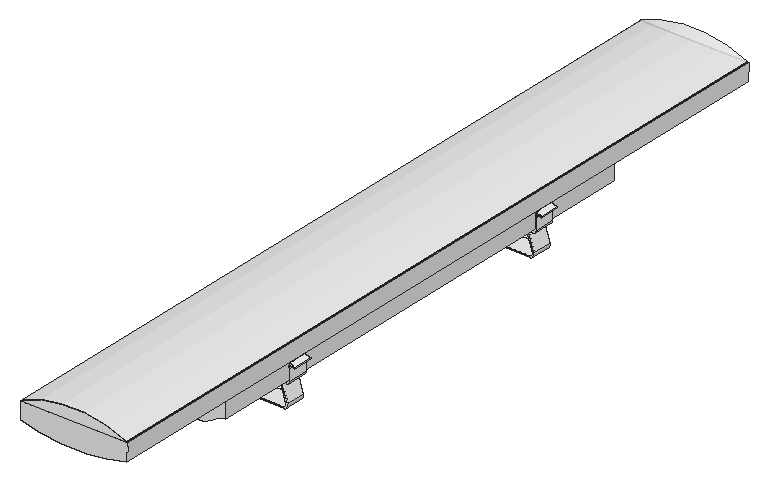
Revit family "Lighting-Industriale-GEWISS-SMART[3]e-PLAFONIERA-LED_TRASPARENTE_800mm", category Apparecchi per illuminazione, host Superficie, Revit 2019
Family settings
  Host = Superficie
  Quota connettore circolare = Usa diametro
  Tipo di parte = Normale
  Taglio con vuoti quando caricato = No
  Sorgente d'illuminazione = No
  Condiviso = No
  Punto di calcolo locali = Sì
Parameters (values of type "GWS3120ET840 - SMART3e 800 ON/OFF TRASP CRI80 4000K")
  Viti esterne = "-"
  Visibilita_etichetta [instance] = yes
  Versione file RFA = "21.4"
  Vano di alimentazione = "Integrato"
  URL = "https://www.gewiss.com/it/it"
  Tolleranza cromatica = "SDCM = 3"
  Tipologia sorgente luminosa = "LED - Non sostituibile"
  Tipo di installazione e montaggio = "Plafone - Parete - Sospensione"
  Tipo di apparecchio = "Apparecchio a LED per illuminazione generale"
  Tensione di alimentazione = "220 - 240 V"
  Temperatura di stoccaggio = "-25 +80 °C"
  Temperatura di esercizio = "-25 +40 °C"
  Superficie massima esposta al vento : = "-"
  Struttura = GEWISS - SMART 3 - GRIGIO
  Stampa 1_200 = no
  Stampa 1_100 = not(Stampa 1_200)  # yes
  Spostamento_Y_etichetta [instance] = 0 mm
  Spostamento_Y_effettivo_etichetta [instance] = 1500 mm - Spostamento_Y_etichetta  # 1500 mm
  Spostamento_X_etichetta [instance] = 0 mm
  Spostamento_X_effettivo_etichetta [instance] = 1500 mm - Spostamento_X_etichetta  # 1500 mm
  SostituibilitÃ  piastra di cablaggio = "Non disponibile"
  SostituibilitÃ  gruppo ottico = "Non disponibile"
  Sistema di controllo : = "ON / OFF"
  Sistema di controllo = "Stand Alone - On / Off"
  Schermo- = Gewiss - Led Acceso
  Schermo = "Policarbonato stabilizzato agli UV"
  Scheda Tecnica = "https://www.gewiss.com/it/it/search?q=GWS3120ET840"
  Resistenza al filo incandescente = "850 °C"
  Resistenza agli urti = "IK08"
  Default Elevation = 1219.2 mm
  Produttore = "GEWISS S.p.A."
  Ottica = "Trasparente microprismato"
  Norma di riferimento = "EN60598-1; IEC 62778; IEC62471"
  Modello = "GWS3120ET840"
  Materiali = "-"
  Lunghezza Lampada = 800 mm  # constant formula
  Lampada = "LED"
  Installazione e manutenzione = "-"
  Informazioni generali = "-"
  Indice di resa cromatica = "CRI>80"
  Inclinazione = "Con staffa di fissaggio"
  Immagine tipo = GWS3118T.jpg
  IPEA = "-"
  IFC.TypeObject = ""
  IFC.ExportType = ""
  IFC.ExportAs = ""
  IDT = "c3293776-8468-4c10-80f9-a1d96cfe439a"
  IDF = "2cac3220-0cdb-4083-86a4-9babe9ae8fbe"
  Guarnizioni = "Sigillante depositato a CNC"
  Gruppo ottico = "Integrato nello schermo"
  Grado di protezione = "IP66/IP69"
  Garanzia = "5 anni"
  Gancio di chiusura = "-"
  Ganci = GEWISS  - ALLUMINIO
  Frequenza nominale (Hz) = "50/60 Hz"
  Fissaggio = "Supporto in acciaio INOX"
  Finitura colore = "PC colorato in pasta RAL7035"
  Failure rate alimentatore = "F10 = 90.000 h a Tq 25°C/F10= 50.000 h a Tq 40°C"
  Durata di vita = "L80B20(Tq25°C)=90.000h - L80B20(Tq40°C)=50.000h"
  Dispositivo di protezione = "DM 1KV / CM 2KV"
  Descrizione = "SMART3e 800 ON/OFF TRASP CRI80 4000K"
  Creato da GEWISS S.p.A. = ""
  Corpo = "Policarbonato"
  Controllo abbagliamento e luminanza = "-"
  Contesto = "Illuminazione di magazzini, parcheggi coperti e locali produttivi industriali"
  Colore = "Grigio RAL 7035"
  Codice digitale univoco (Datamatrix) = "Datamatrix"
  Codice EAN = ""
  Classificazione: = "-"
  Classe isolamento = "II"
  Classe fotobiologica = "-"
  Certificazioni e classificazioni = "-"
  Certificazione DIN 18032-3 = "Non disponibile"
  Catalogo = "LIGHTING"
  Caratteristiche ottiche e illuminotecniche = "-"
  Caratteristiche elettriche e gestione della luce = "-"
  Cablaggio : = "Stand alone"
  Cablaggio = "Con connettore stagno Gw connect"
  COBie.Tagnumber = ""
  COBie.CreatedOn = ""
  COBie.CreatebBy = ""
  COBie.ComponentRegisterItemID = ""
  COBie.Component.TagNumber = ""
  COBie.Component.Space = ""
  COBie.Component.SerialNumber = ""
  COBie.Component.InstallationDate = ""
  COBie.Component.Description = ""
  COBie.Component.BarCode = ""
  Applicazione = "Interno"
  Apparecchio a ridotta temperatura superficiale = "Si"
  Alimentatore = "Incluso"
Types (3, lengths in mm): name | Scheda Tecnica | Modello | IDT | Descrizione
  (no name) | "https://www.gewiss.com/it/it/search?q=GWS3120ET840" | "GWS3120ET840" | "c3293776-8468-4c10-80f9-a1d96cfe439a" | "SMART3e 800 ON/OFF TRASP CRI80 4000K"
  GWS3120ET840 - SMART3e 800 ON/OFF TRASP CRI80 4000K | "https://www.gewiss.com/it/it/search?q=GWS3120ET840" | "GWS3120ET840" | "c3293776-8468-4c10-80f9-a1d96cfe439a" | "SMART3e 800 ON/OFF TRASP CRI80 4000K"
  GWS3120ET857 - SMART3e 800 ON/OFF TRASP CRI80 5700K | "https://www.gewiss.com/it/it/search?q=GWS3120ET857" | "GWS3120ET857" | "9f002806-1f96-4eb4-b752-d88a4865da9e" | "SMART3e 800 ON/OFF TRASP CRI80 5700K"
Reference planes
  plane 1 "Centro (Fronte/Retro)": y = 0
  plane 2: z = 0
  plane 3 "Centro (Sinistra/Destra)": x = 0
  plane 4: x = -1500
  plane 5: y = -1500
  plane 6: x = 0
  plane 7: y = 0
Forms (mm)
  Extrusion 1, solid, material "GEWISS  - ALLUMINIO" <- "Ganci", detail levels medium+fine
    sketch origin (0, 0, 0) x (1, 0, 0) y (0, 0, 1)
      loop
        arc (31.431, -0.002) -> (34.576, 1.589) -> (35.156, 5.066) r 3.903
        line (35.156, 5.066) -> (29.612, 23.211)
        arc (29.612, 23.211) -> (29.883, 24.381) -> (31.032, 24.73) r 1.2
        line (31.032, 24.73) -> (34.307, 23.974)
        arc (34.307, 23.974) -> (36.765, 24.53) -> (37.859, 26.8) r 2.9
        line (37.859, 26.8) -> (37.859, 38.8)
        arc (37.859, 38.8) -> (37.648, 39.694) -> (37.059, 40.4) r 2
        line (37.059, 40.4) -> (37.059, 42.71) -> (42.861, 40.598) -> (43.203, 41.538) -> (37.53, 43.603)
        arc (37.53, 43.603) -> (37.019, 43.613) -> (36.605, 43.311) r 0.8
        line (36.605, 43.311) -> (36.306, 26.139)
        arc (36.306, 26.139) -> (35.6, 25.444) -> (34.616, 25.34) r 1.5
        line (34.616, 25.34) -> (31.344, 26.095)
        arc (31.344, 26.095) -> (28.858, 25.335) -> (28.273, 22.802) r 2.6
        line (28.273, 22.802) -> (33.827, 4.636)
        arc (33.827, 4.636) -> (33.449, 2.415) -> (31.438, 1.4) r 2.5
        line (31.438, 1.4) -> (-31.437, 1.4)
        arc (-31.437, 1.4) -> (-33.449, 2.415) -> (-33.827, 4.636) r 2.5
        line (-33.827, 4.636) -> (-28.273, 22.802)
        arc (-28.273, 22.802) -> (-28.858, 25.335) -> (-31.344, 26.095) r 2.6
        line (-31.344, 26.095) -> (-34.616, 25.34)
        arc (-34.616, 25.34) -> (-35.6, 25.444) -> (-36.306, 26.139) r 1.5
        line (-36.306, 26.139) -> (-36.605, 43.311)
        arc (-36.605, 43.311) -> (-37.019, 43.613) -> (-37.53, 43.603) r 0.8
        line (-37.53, 43.603) -> (-43.203, 41.538) -> (-42.861, 40.598) -> (-37.059, 42.71) -> (-37.059, 40.4)
        arc (-37.059, 40.4) -> (-37.648, 39.694) -> (-37.859, 38.8) r 2
        line (-37.859, 38.8) -> (-37.859, 26.8)
        arc (-37.859, 26.8) -> (-36.765, 24.53) -> (-34.307, 23.974) r 2.9
        line (-34.307, 23.974) -> (-31.032, 24.73)
        arc (-31.032, 24.73) -> (-29.883, 24.381) -> (-29.612, 23.211) r 1.2
        line (-29.612, 23.211) -> (-35.156, 5.066)
        arc (-35.156, 5.066) -> (-34.576, 1.589) -> (-31.431, -0.002) r 3.903
        line (-31.431, -0.002) -> (31.431, -0.002)
    from 148.766 to 168.766
  Extrusion 2, solid, material "GEWISS  - ALLUMINIO" <- "Ganci", detail levels medium+fine
    sketch origin (0, 0, 0) x (1, 0, 0) y (0, 0, -1)
      loop
        line (31.431, 0.002) -> (-31.431, 0.002)
        arc (-31.431, 0.002) -> (-34.576, -1.589) -> (-35.156, -5.066) r 3.903
        line (-35.156, -5.066) -> (-29.612, -23.211)
        arc (-29.612, -23.211) -> (-29.883, -24.381) -> (-31.032, -24.73) r 1.2
        line (-31.032, -24.73) -> (-34.307, -23.974)
        arc (-34.307, -23.974) -> (-36.765, -24.53) -> (-37.859, -26.8) r 2.9
        line (-37.859, -26.8) -> (-37.859, -38.8)
        arc (-37.859, -38.8) -> (-37.648, -39.694) -> (-37.059, -40.4) r 2
        line (-37.059, -40.4) -> (-37.059, -42.71) -> (-42.861, -40.598) -> (-43.203, -41.538) -> (-37.53, -43.603)
        arc (-37.53, -43.603) -> (-37.019, -43.613) -> (-36.605, -43.311) r 0.8
        line (-36.605, -43.311) -> (-36.306, -26.139)
        arc (-36.306, -26.139) -> (-35.6, -25.444) -> (-34.616, -25.34) r 1.5
        line (-34.616, -25.34) -> (-31.344, -26.095)
        arc (-31.344, -26.095) -> (-28.858, -25.335) -> (-28.273, -22.802) r 2.6
        line (-28.273, -22.802) -> (-33.827, -4.636)
        arc (-33.827, -4.636) -> (-33.449, -2.415) -> (-31.437, -1.4) r 2.5
        line (-31.437, -1.4) -> (31.438, -1.4)
        arc (31.438, -1.4) -> (33.449, -2.415) -> (33.827, -4.636) r 2.5
        line (33.827, -4.636) -> (28.273, -22.802)
        arc (28.273, -22.802) -> (28.858, -25.335) -> (31.344, -26.095) r 2.6
        line (31.344, -26.095) -> (34.616, -25.34)
        arc (34.616, -25.34) -> (35.6, -25.444) -> (36.306, -26.139) r 1.5
        line (36.306, -26.139) -> (36.605, -43.311)
        arc (36.605, -43.311) -> (37.019, -43.613) -> (37.53, -43.603) r 0.8
        line (37.53, -43.603) -> (43.203, -41.538) -> (42.861, -40.598) -> (37.059, -42.71) -> (37.059, -40.4)
        arc (37.059, -40.4) -> (37.648, -39.694) -> (37.859, -38.8) r 2
        line (37.859, -38.8) -> (37.859, -26.8)
        arc (37.859, -26.8) -> (36.765, -24.53) -> (34.307, -23.974) r 2.9
        line (34.307, -23.974) -> (31.032, -24.73)
        arc (31.032, -24.73) -> (29.883, -24.381) -> (29.612, -23.211) r 1.2
        line (29.612, -23.211) -> (35.156, -5.066)
        arc (35.156, -5.066) -> (34.576, -1.589) -> (31.431, 0.002) r 3.903
    from 148.766 to 168.766
  Extrusion 3, solid, material "GEWISS - SMART 3 - GRIGIO" <- "Struttura", detail levels medium+fine
    sketch origin (0, 0, 0) x (1, 0, 0) y (0, 0, 1)
      loop
        line (-36.331, 55.757) -> (-35.847, 28.018)
        arc (-35.847, 28.018) -> (-33.139, 27.27) -> (-30.416, 26.58) r 129.5
        arc (-30.416, 26.58) -> (-28.066, 25.76) -> (-25.915, 24.506) r 13
        arc (-25.915, 24.506) -> (-24.23, 23.324) -> (-22.521, 22.178) r 99.5
        arc (-22.521, 22.178) -> (-16.401, 19.063) -> (-9.748, 17.365) r 31.146
        line (-9.748, 17.365) -> (12.491, 17.365)
        arc (12.491, 17.365) -> (17.822, 19.098) -> (22.764, 21.745) r 31.646
        arc (22.764, 21.745) -> (24.509, 22.915) -> (26.228, 24.122) r 100
        arc (26.228, 24.122) -> (28.283, 25.313) -> (30.525, 26.095) r 12.5
        arc (30.525, 26.095) -> (33.437, 26.834) -> (36.332, 27.64) r 130
        line (36.332, 27.64) -> (36.824, 55.851)
        arc (36.824, 55.851) -> (24.914, 53.937) -> (12.909, 52.764) r 195.047
        line (12.909, 52.764) -> (-12.909, 52.764)
        arc (-12.909, 52.764) -> (-24.665, 53.905) -> (-36.331, 55.757) r 195.047
    from -250 to 250
  Extrusion 4, solid, material "GEWISS - SMART 3 - GRIGIO" <- "Struttura", detail levels medium+fine
    sketch origin (0, 0, 0) x (1, 0, 0) y (0, 0, 1)
      loop
        line (54.725, 60.184) -> (55.177, 77.445) -> (-55.177, 77.445) -> (-54.725, 60.184)
        arc (-54.725, 60.184) -> (-34.019, 55.332) -> (-12.909, 52.764) r 195.047
        line (-12.909, 52.764) -> (12.909, 52.764)
        arc (12.909, 52.764) -> (34.019, 55.332) -> (54.725, 60.184) r 195.047
    from -400 to 400
  Extrusion 5, solid, material "Gewiss - Led Acceso" <- "Schermo-", detail levels medium+fine
    sketch origin (0, 0, 0) x (1, 0, 0) y (0, 0, 1)
      loop
        arc (54.697, 78.441) -> (-0.014, 90.457) -> (-54.723, 78.429) r 130.5
        arc (-54.723, 78.429) -> (-54.988, 77.838) -> (-54.5, 77.445) r 0.5
        line (-54.5, 77.445) -> (54.479, 77.445)
        arc (54.479, 77.445) -> (54.988, 77.855) -> (54.697, 78.441) r 0.522
    from -400 to 400
  Extrusion 6, solid, material "GEWISS - SMART 3 - GRIGIO" <- "Struttura", detail levels coarse
    sketch origin (0, 0, 0) x (1, 0, 0) y (0, 0, 1)
      loop
        line (-54.5, 90.439) -> (-54.5, 0) -> (54.5, 0) -> (54.5, 90.439) -> (-54.5, 90.439)
    from -400 to 400
Lines and regions (mm)
  Masking region 1
    outline origin (0, 0, 0) x (1, 0, 0) y (0, 1, 0)
      loop
        line (-55.177, 400) -> (-55.177, -400) -> (55.177, -400) -> (55.177, 400) -> (-55.177, 400)
  model lines, style "GEWISS - LIGHT 2D", not visible
    curve 1: arc (658.224, 441.447, 0) -> (657.902, 441.529, 0) -> (657.571, 441.558, 0) r 1.999
    curve 2: arc (659.744, 439.503, 0) -> (659.172, 440.906, 0) -> (657.781, 441.505, 0) r 1.998
    curve 3: arc (549.391, -356.494, 0) -> (549.963, -357.897, 0) -> (551.356, -358.495, 0) r 1.998
    curve 4: arc (657.744, -358.495, 0) -> (659.181, -357.627, 0) -> (659.745, -356.046, 0) r 2.5
    curve 5: arc (551.891, 441.558, 0) -> (550.123, 440.825, 0) -> (549.391, 439.058, 0) r 2.5
    curve 6: line (657.571, 441.558, 0) -> (604.567, 441.558, 0)
    curve 7: line (604.567, 441.558, 0) -> (551.891, 441.558, 0)
    curve 8: line (551.356, -358.495, 0) -> (604.568, -358.495, 0)
    curve 9: line (604.568, -358.495, 0) -> (657.744, -358.495, 0)
    curve 10: line (659.745, -356.046, 0) -> (659.745, 439.503, 0)
    curve 11: line (657.781, 441.505, 0) -> (604.567, 441.505, 0)
    curve 12: line (549.391, -356.494, 0) -> (549.391, 439.058, 0)
    curve 13: line (604.569, 276.529, 0) -> (604.569, -193.52, 0)
  symbolic lines, style "GEWISS - LIGHT 2D"
    curve 14: line (0, 328.766, 0) -> (0, -304.8, 0)
Dimensions and locks
  plane 4 to plane 3 "Centro (Sinistra/Destra)" = 1500 mm
  "Spostamento_X_effettivo_etichetta": plane 4 to plane 6
  "Spostamento_Y_effettivo_etichetta": plane 7 to plane 5
  plane 1 "Centro (Fronte/Retro)" to plane 5 = 1500 mm
  aligned and locked: plane 2 to host face
  aligned and locked: level to host face
  aligned and locked: plane 6 to nested 1
  aligned and locked: nested 1 to plane 7
  aligned and locked: Masking region 1 sketch curve to Extrusion 4  (x4)
  aligned and locked: curve 14 to plane 6
Automatic sketch dimensions
  host sketch curve to host sketch curve = 2438.4 mm  (x2)
  Extrusion 1 sketch curve to Extrusion 1 sketch curve = 0 mm  (x28)
  Extrusion 1 sketch curve to plane 3 "Centro (Sinistra/Destra)" = 43.203 mm
  level to Extrusion 1 sketch curve = 40.598 mm
  Extrusion 1 sketch curve to Extrusion 1 sketch curve = 0.342 mm  (x2)
  Extrusion 1 sketch curve to Extrusion 1 sketch curve = 5.002 mm  (x2)
  Extrusion 1 sketch curve to Extrusion 1 sketch curve = 0.329 mm
  Extrusion 1 sketch curve to Extrusion 1 sketch curve = 0.271 mm  (x2)
  Extrusion 1 sketch curve to Extrusion 1 sketch curve = 0.8 mm  (x2)
  Extrusion 1 sketch curve to Extrusion 1 sketch curve = 0.454 mm  (x2)
  Extrusion 1 sketch curve to Extrusion 1 sketch curve = 1.554 mm
  Extrusion 1 sketch curve to Extrusion 1 sketch curve = 2 mm
  level to Extrusion 1 sketch curve = 5.066 mm  (x2)
  Extrusion 1 sketch curve to Extrusion 1 sketch curve = 1.15 mm
  Extrusion 1 sketch curve to Extrusion 1 sketch curve = 1.346 mm  (x2)
  Extrusion 1 sketch curve to Extrusion 1 sketch curve = 0.343 mm  (x2)
  level to Extrusion 1 sketch curve = 4.636 mm  (x2)
  Extrusion 1 sketch curve to Extrusion 1 sketch curve = 1.329 mm  (x2)
  level to Extrusion 1 sketch curve = 1.4 mm
  Extrusion 1 sketch curve to Extrusion 1 sketch curve = 2.389 mm  (x2)
  Extrusion 1 sketch curve to Extrusion 1 sketch curve = 0.007 mm  (x2)
  Extrusion 1 sketch curve to Extrusion 1 sketch curve = 3.584 mm  (x2)
  Extrusion 1 sketch curve to Extrusion 1 sketch curve = 0.273 mm  (x2)
  plane 3 "Centro (Sinistra/Destra)" to Extrusion 1 sketch curve = 30.759 mm
  Extrusion 1 sketch curve to level = 0.002 mm
  Extrusion 1 sketch curve to Extrusion 1 sketch curve = 0.672 mm
  Extrusion 1 sketch curve to Extrusion 1 sketch curve = 0.9 mm
  level to Extrusion 1 sketch curve = 26.139 mm
  Extrusion 1 sketch curve to Extrusion 1 sketch curve = 0.746 mm
  Extrusion 1 sketch curve to Extrusion 1 sketch curve = 0.2 mm
  Extrusion 1 sketch curve to Extrusion 1 sketch curve = 2.577 mm
  Extrusion 1 sketch curve to Extrusion 1 sketch curve = 18.496 mm
  Extrusion 1 sketch curve to Extrusion 1 sketch curve = 1.169 mm  (x2)
  Extrusion 1 sketch curve to Extrusion 1 sketch curve = 0.799 mm  (x2)
  Extrusion 1 sketch curve to Extrusion 1 sketch curve = 0.609 mm
  Extrusion 1 sketch curve to Extrusion 1 sketch curve = 1.798 mm  (x2)
  Extrusion 1 sketch curve to Extrusion 1 sketch curve = 12 mm
  Extrusion 1 sketch curve to Extrusion 1 sketch curve = 0.94 mm  (x2)
  Extrusion 1 sketch curve to Extrusion 1 sketch curve = 0.14 mm  (x2)
  Extrusion 1 sketch curve to Extrusion 1 sketch curve = 0.309 mm  (x2)
  Extrusion 1 sketch curve to Extrusion 1 sketch curve = 0.312 mm  (x2)
  Extrusion 1 sketch curve to Extrusion 1 sketch curve = 1.148 mm  (x2)
  Extrusion 1 sketch curve to Extrusion 1 sketch curve = 1.339 mm
  Extrusion 1 sketch curve to Extrusion 1 sketch curve = 2.486 mm
  Extrusion 1 sketch curve to Extrusion 1 sketch curve = 0.409 mm  (x2)
  Extrusion 2 sketch curve to Extrusion 2 sketch curve = 0 mm  (x28)
  Extrusion 2 sketch curve to plane 3 "Centro (Sinistra/Destra)" = 43.203 mm
  level to Extrusion 2 sketch curve = 40.598 mm
  Extrusion 2 sketch curve to Extrusion 2 sketch curve = 0.342 mm  (x2)
  Extrusion 2 sketch curve to Extrusion 2 sketch curve = 5.002 mm  (x2)
  Extrusion 2 sketch curve to Extrusion 2 sketch curve = 0.329 mm
  Extrusion 2 sketch curve to Extrusion 2 sketch curve = 0.271 mm  (x2)
  Extrusion 2 sketch curve to Extrusion 2 sketch curve = 0.8 mm  (x2)
  Extrusion 2 sketch curve to Extrusion 2 sketch curve = 0.454 mm  (x2)
  Extrusion 2 sketch curve to Extrusion 2 sketch curve = 1.554 mm
  Extrusion 2 sketch curve to Extrusion 2 sketch curve = 2 mm
  level to Extrusion 2 sketch curve = 5.066 mm  (x2)
  Extrusion 2 sketch curve to Extrusion 2 sketch curve = 1.15 mm
  Extrusion 2 sketch curve to Extrusion 2 sketch curve = 1.346 mm  (x2)
  Extrusion 2 sketch curve to Extrusion 2 sketch curve = 0.343 mm  (x2)
  level to Extrusion 2 sketch curve = 4.636 mm  (x2)
  Extrusion 2 sketch curve to Extrusion 2 sketch curve = 1.329 mm  (x2)
  level to Extrusion 2 sketch curve = 1.4 mm
  Extrusion 2 sketch curve to Extrusion 2 sketch curve = 2.389 mm  (x2)
  Extrusion 2 sketch curve to Extrusion 2 sketch curve = 0.007 mm  (x2)
  Extrusion 2 sketch curve to Extrusion 2 sketch curve = 3.584 mm  (x2)
  Extrusion 2 sketch curve to Extrusion 2 sketch curve = 0.273 mm  (x2)
  plane 3 "Centro (Sinistra/Destra)" to Extrusion 2 sketch curve = 30.759 mm
  Extrusion 2 sketch curve to level = 0.002 mm
  Extrusion 2 sketch curve to Extrusion 2 sketch curve = 0.672 mm
  Extrusion 2 sketch curve to Extrusion 2 sketch curve = 0.9 mm
  level to Extrusion 2 sketch curve = 26.139 mm
  Extrusion 2 sketch curve to Extrusion 2 sketch curve = 0.746 mm
  Extrusion 2 sketch curve to Extrusion 2 sketch curve = 0.2 mm
  Extrusion 2 sketch curve to Extrusion 2 sketch curve = 14.46 mm
  Extrusion 2 sketch curve to Extrusion 2 sketch curve = 0.94 mm  (x2)
  Extrusion 2 sketch curve to Extrusion 2 sketch curve = 0.14 mm  (x2)
  Extrusion 2 sketch curve to Extrusion 2 sketch curve = 2.31 mm  (x2)
  Extrusion 2 sketch curve to Extrusion 2 sketch curve = 12 mm
  Extrusion 2 sketch curve to Extrusion 2 sketch curve = 0.661 mm  (x2)
  Extrusion 2 sketch curve to Extrusion 2 sketch curve = 0.609 mm  (x2)
  Extrusion 2 sketch curve to Extrusion 2 sketch curve = 1.169 mm  (x2)
  Extrusion 2 sketch curve to Extrusion 2 sketch curve = 0.309 mm  (x2)
  Extrusion 2 sketch curve to Extrusion 2 sketch curve = 0.312 mm  (x2)
  Extrusion 2 sketch curve to Extrusion 2 sketch curve = 1.148 mm  (x2)
  Extrusion 2 sketch curve to Extrusion 2 sketch curve = 1.339 mm
  Extrusion 2 sketch curve to Extrusion 2 sketch curve = 2.486 mm
  Extrusion 2 sketch curve to Extrusion 2 sketch curve = 1.365 mm  (x2)
  Extrusion 3 sketch curve to plane 3 "Centro (Sinistra/Destra)" = 36.331 mm
  Extrusion 3 sketch curve to Extrusion 3 sketch curve = 0.484 mm
  Extrusion 3 sketch curve to Extrusion 3 sketch curve = 2.34 mm
  Extrusion 3 sketch curve to plane 3 "Centro (Sinistra/Destra)" = 32.068 mm
  Extrusion 3 sketch curve to plane 3 "Centro (Sinistra/Destra)" = 12.909 mm
  Extrusion 3 sketch curve to plane 3 "Centro (Sinistra/Destra)" = 9.748 mm
  Extrusion 3 sketch curve to plane 3 "Centro (Sinistra/Destra)" = 5.421 mm
  Extrusion 3 sketch curve to plane 3 "Centro (Sinistra/Destra)" = 0.057 mm
  Extrusion 3 sketch curve to plane 3 "Centro (Sinistra/Destra)" = 0.007 mm
  Extrusion 3 sketch curve to plane 3 "Centro (Sinistra/Destra)" = 0.001 mm
  plane 3 "Centro (Sinistra/Destra)" to Extrusion 3 sketch curve = 0.057 mm
  plane 3 "Centro (Sinistra/Destra)" to Extrusion 3 sketch curve = 5.412 mm
  plane 3 "Centro (Sinistra/Destra)" to Extrusion 3 sketch curve = 12.491 mm
  Extrusion 3 sketch curve to Extrusion 3 sketch curve = 7.496 mm
  plane 3 "Centro (Sinistra/Destra)" to Extrusion 3 sketch curve = 32.059 mm
  Extrusion 3 sketch curve to Extrusion 3 sketch curve = 21.008 mm
  Extrusion 3 sketch curve to Extrusion 3 sketch curve = 2.833 mm
  Extrusion 3 sketch curve to Extrusion 3 sketch curve = 23.916 mm
  level to Extrusion 3 sketch curve = 13.953 mm  (x2)
  level to Extrusion 3 sketch curve = 17.365 mm  (x2)
  Extrusion 3 sketch curve to Extrusion 3 sketch curve = 13.687 mm
  Extrusion 3 sketch curve to Extrusion 3 sketch curve = 14.064 mm
  Extrusion 3 sketch curve to Extrusion 3 sketch curve = 30.844 mm
  Extrusion 3 sketch curve to Extrusion 3 sketch curve = 0 mm  (x3)
  Extrusion 3 sketch curve to Extrusion 3 sketch curve = 4.555 mm
  Extrusion 3 sketch curve to Extrusion 3 sketch curve = 2.993 mm
  Extrusion 3 sketch curve to Extrusion 3 sketch curve = 3.087 mm
  Extrusion 3 sketch curve to Extrusion 3 sketch curve = 49.52 mm
  Extrusion 3 sketch curve to Extrusion 3 sketch curve = 49.615 mm
  Extrusion 3 sketch curve to Extrusion 3 sketch curve = 47.089 mm
  Extrusion 3 sketch curve to Extrusion 3 sketch curve = 5.431 mm
  Extrusion 3 sketch curve to Extrusion 3 sketch curve = 4.5 mm
  Extrusion 3 sketch curve to Extrusion 3 sketch curve = 10.273 mm
  Extrusion 3 sketch curve to Extrusion 3 sketch curve = 3.465 mm
  Extrusion 3 sketch curve to Extrusion 3 sketch curve = 4.297 mm
  Extrusion 4 sketch curve to plane 3 "Centro (Sinistra/Destra)" = 55.177 mm
  Extrusion 4 sketch curve to Extrusion 4 sketch curve = 0.452 mm  (x2)
  Extrusion 4 sketch curve to plane 3 "Centro (Sinistra/Destra)" = 12.909 mm
  Extrusion 4 sketch curve to plane 3 "Centro (Sinistra/Destra)" = 0.057 mm
  plane 3 "Centro (Sinistra/Destra)" to Extrusion 4 sketch curve = 0.057 mm
  plane 3 "Centro (Sinistra/Destra)" to Extrusion 4 sketch curve = 12.909 mm
  Extrusion 4 sketch curve to Extrusion 4 sketch curve = 41.816 mm
  level to Extrusion 4 sketch curve = 52.764 mm
  Extrusion 4 sketch curve to Extrusion 4 sketch curve = 7.42 mm  (x2)
  Extrusion 4 sketch curve to Extrusion 4 sketch curve = 17.262 mm
  Extrusion 5 sketch curve to plane 3 "Centro (Sinistra/Destra)" = 0 mm
  Extrusion 5 sketch curve to plane 3 "Centro (Sinistra/Destra)" = 54.5 mm
  plane 3 "Centro (Sinistra/Destra)" to Extrusion 5 sketch curve = 54.479 mm
  Extrusion 5 sketch curve to level = 40.043 mm
  level to Extrusion 5 sketch curve = 77.445 mm
  Extrusion 5 sketch curve to Extrusion 5 sketch curve = 0.5 mm
  Extrusion 5 sketch curve to Extrusion 5 sketch curve = 0.522 mm
  Extrusion 5 sketch curve to Extrusion 5 sketch curve = 0.21 mm
  Extrusion 5 sketch curve to Extrusion 5 sketch curve = 0.014 mm
  Extrusion 5 sketch curve to Extrusion 5 sketch curve = 0 mm
  Extrusion 6 sketch curve to level = 0 mm
  Extrusion 6 sketch curve to plane 3 "Centro (Sinistra/Destra)" = 54.5 mm
  plane 3 "Centro (Sinistra/Destra)" to Extrusion 6 sketch curve = 54.5 mm
  Extrusion 6 sketch curve to Extrusion 6 sketch curve = 90.439 mm
  plane 1 "Centro (Fronte/Retro)" to curve 14 = 304.8 mm
  curve 14 to plane 1 "Centro (Fronte/Retro)" = 328.766 mm
Nested families
  nested 1: "ETICHETTA WATTAGGIO" at (0, 0, 0), visible <- "Visibilita_etichetta", type "ETICHETTA WATTAGGIO"
Definition of nested family "ETICHETTA WATTAGGIO"
  Parameters (values of type "ETICHETTA WATTAGGIO")
    GW - Potenza di sistema = ""
    GW - Numero LED = ""
    COMMENTI = "13W"
    1_200 = no
    1_100 = yes
  Reference planes
    plane 1: y = 0
    plane 2: x = 0
  Text (mm)
    label "GW - Potenza di sistema\nGW - Numero LED LED" at (-0.057, -0.214, 0), shows "GW - Potenza di sistema", "GW - Numero LED", visible <- "1_100"
    label "GW - Potenza di sistema\nGW - Numero LED LED " at (-0.057, -0.214, 0), shows "GW - Potenza di sistema", "GW - Numero LED", visible <- "1_200"
